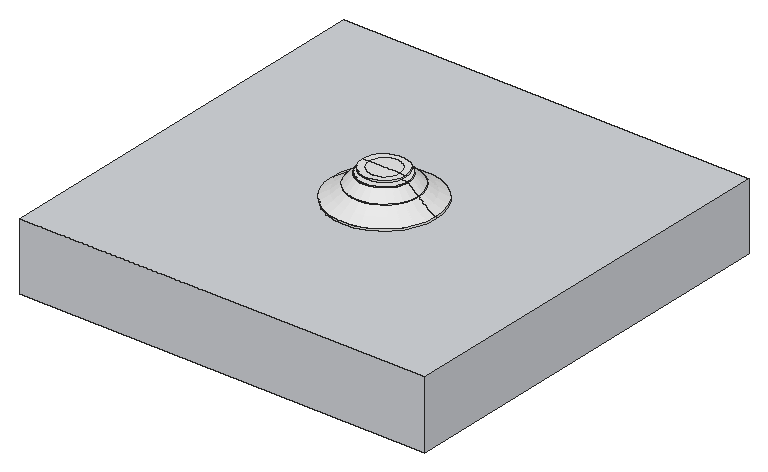
Revit family "SK-HEAT-HT-W.BIM", category Fire Alarm Devices, host Face, Revit 2020
Family settings
  Host = Face
  Maintain Annotation Orientation = Yes
  Round Connector Dimension = Use Diameter
  Part Type = Normal
  OmniClass Number = 23.85.30.21
  OmniClass Title = Environmental Detection/Registration
  Cut with Voids When Loaded = No
  Shared = No
  Room Calculation Point = No
Parameters (values of type "Detector_with_Flanged_Base_White")
  Wall Mounted [instance] = no
  URL = "www.silentknight.com"
  Standard_Wall [instance] = and(Wall Mounted, Standard Base)  # no
  Standard_Ceiling [instance] = and(Ceiling Mounted, Standard Base)  # yes
  Standard Base = yes
  Speciality_Ceiling [instance] = and(Ceiling Mounted, Specality Base)  # no
  Specality_Wall [instance] = and(Wall Mounted, Specality Base)  # no
  Specality Base = no
  Puck_Wall [instance] = and(Wall Mounted, Puck Base)  # no
  Puck_Ceiling [instance] = and(Ceiling Mounted, Puck Base)  # no
  Puck Base = no
  Mounting Requirements = "Standard 4 inch square, 4 inch octagonal, or single gang electrical box."
  Model = "SK-HEAT-HT-W/B300-6"
  Manufacturer = "Silent Knight"  # constant formula
  Main Electrical Connection = "Signaling Line Circuit"  # constant formula
  Height = if(Specality Base, 0' 2 9/16", 0' 1 11/16")  # 0' - 1 11/16"
  Finish = Plastic_SilentKnight_White
  Diameter = if(Puck Base, 0' 4", if(Standard Base, 0' 6", 0' 6 7/8"))  # 0' - 6"
  Detector Type = "H"  # constant formula
  Description = "Intelligent Plug-In Heat Detector-High Temp Detector / Flanged Mounting Base"
  Default Elevation = 6' - 8"
  Ceiling Mounted [instance] = not(Wall Mounted)  # yes
  Base Thickness = if(Specality Base, 0' 1 11/16", 0' 0 7/8")  # 0' - 0 7/8"
  Base Select = DetectorBase-Select_Series : Flanged Base
  Base Label = ""
  Assembly Code = "D5030700"
Reference planes (in)
  plane 1 "Center (Front/Back)": y = 0
  plane 2: z = 0
  plane 3 "Center (Left/Right)": x = 0
  plane 4 "Base Depth": z = 0.875
  plane 5: x = 0
Forms (in)
  Extrusion 1, solid
    sketch origin (24, -6.72932, 0) x (1, 0, 0) y (0, 1, 0)
      loop
        line (-36, 18.72932) -> (-36, -5.27068) -> (-12, -5.27068) -> (-12, 18.72932) -> (-36, 18.72932)
    from 0 to -4
Lines and regions (in)
  Masking region 1, visible <- "Wall Mounted"
    outline origin (-5.53202, -3.47829, 0) x (1, 0, 0) y (0, 1, 0)
      loop
        circle (5.53047, 3.47791) r 2.11075
  Masking region 2, visible <- "Wall Mounted", not visible
    outline origin (0, 0, 0) x (1, 0, 0) y (0, 1, 0)
      loop
        circle (5.53047, 3.47791) r 2.11075
  Masking region 3, visible <- "Standard_Ceiling"
    outline origin (-15.46141, 0, -26.39682) x (1, 0, 0) y (0, 0, 1)
      loop
        line (18.5344, 26.39682) -> (18.5344, 26.50119) -> (17.48216, 27.19351) -> (16.92543, 27.75024) -> (16.74554, 28.06183) -> (14.18447, 28.06183) -> (14.00507, 27.75122) -> (13.45804, 27.2042) -> (12.38841, 26.50119) -> (12.38841, 26.39682) -> (18.5344, 26.39682)
  Masking region 4, visible <- "Standard Base"
    outline origin (0, -12, 0) x (0, 1, 0) y (0, 0, 1)
      loop
        line (8.927, 0) -> (15.073, 0) -> (15.073, 0.10437) -> (14.05174, 0.7967) -> (13.45781, 1.39064) -> (13.27694, 1.66501) -> (10.72306, 1.66501) -> (10.5633, 1.37724) -> (9.99344, 0.80738) -> (8.927, 0.10437) -> (8.927, 0)
  Masking region 5, visible <- "Standard Base", not visible
    outline origin (0, 0, 0) x (0, 1, 0) y (0, 0, 1)
      loop
        line (8.927, 0) -> (15.073, 0) -> (15.073, 0.10437) -> (14.05174, 0.7967) -> (13.45781, 1.39064) -> (13.27694, 1.66501) -> (10.72306, 1.66501) -> (10.5633, 1.37724) -> (9.99344, 0.80738) -> (8.927, 0.10437) -> (8.927, 0)
  Masking region 6, visible <- "Standard_Wall"
    outline origin (0, 0, 0) x (1, 0, 0) y (0, 1, 0)
      loop
        circle (-0.00155, -0.00039) r 3.0741
  Masking region 7, visible <- "Specality_Wall"
    outline origin (0, 0, 0) x (1, 0, 0) y (0, 1, 0)
      loop
        circle (-0.00155, -0.00039) r 3.42775
  Masking region 8, visible <- "Specality Base"
    outline origin (0, 27.45036, -32.86568) x (0, 1, 0) y (0, 0, 1)
      loop
        line (-24.04835, 32.86568) -> (-24.04835, 33.8153) -> (-24.22768, 34.12578) -> (-24.67998, 34.36368) -> (-25.447, 34.52671) -> (-25.99402, 35.07374) -> (-26.17342, 35.38434) -> (-28.76187, 35.38434) -> (-28.88706, 35.09658) -> (-29.45692, 34.52671) -> (-30.22074, 34.32282) -> (-30.69819, 34.09707) -> (-30.82078, 33.8153) -> (-30.88035, 32.86568) -> (-24.04835, 32.86568)
  Masking region 9, visible <- "Specality Base", not visible
    outline origin (0, 0, 0) x (0, 1, 0) y (0, 0, 1)
      loop
        line (-24.04835, 32.86568) -> (-24.04835, 33.8153) -> (-24.22768, 34.12578) -> (-24.67998, 34.36368) -> (-25.447, 34.52671) -> (-25.99402, 35.07374) -> (-26.17342, 35.38434) -> (-28.76187, 35.38434) -> (-28.88706, 35.09658) -> (-29.45692, 34.52671) -> (-30.22074, 34.32282) -> (-30.69819, 34.09707) -> (-30.82078, 33.8153) -> (-30.88035, 32.86568) -> (-24.04835, 32.86568)
  Masking region 10, visible <- "Speciality_Ceiling"
    outline origin (-12.15283, 0, -40.72634) x (1, 0, 0) y (0, 0, 1)
      loop
        line (15.58124, 40.72775) -> (15.52167, 41.67737) -> (15.39908, 41.95915) -> (14.71166, 42.25094) -> (14.27096, 42.34263) -> (14.15781, 42.38878) -> (13.42819, 43.24641) -> (10.87432, 43.24641) -> (10.14469, 42.38878) -> (9.97762, 42.33469) -> (9.38087, 42.18489) -> (8.88102, 41.9796) -> (8.77242, 41.62224) -> (8.72127, 40.72775) -> (15.58124, 40.72775)
  Masking region 11, visible <- "Speciality_Ceiling", not visible
    outline origin (0, 0, 0) x (1, 0, 0) y (0, 0, 1)
      loop
        line (15.58124, 40.72775) -> (15.52167, 41.67737) -> (15.39908, 41.95915) -> (14.71166, 42.25094) -> (14.27096, 42.34263) -> (14.15781, 42.38878) -> (13.42819, 43.24641) -> (10.87432, 43.24641) -> (10.14469, 42.38878) -> (9.97762, 42.33469) -> (9.38087, 42.18489) -> (8.88102, 41.9796) -> (8.77242, 41.62224) -> (8.72127, 40.72775) -> (15.58124, 40.72775)
  Masking region 12, visible <- "Puck Base"
    outline origin (0, -7.69624, 0.00261) x (0, 1, 0) y (0, 0, 1)
      loop
        line (5.67769, 0) -> (9.68761, 0) -> (9.68761, 0.82534) -> (9.14058, 1.37236) -> (8.96118, 1.68297) -> (6.40731, 1.68297) -> (6.24755, 1.3952) -> (5.67769, 0.82534) -> (5.67769, 0)
  Masking region 13, visible <- "Puck Base", not visible
    outline origin (0, 0, 0) x (0, 1, 0) y (0, 0, 1)
      loop
        line (5.67769, 0) -> (9.68761, 0) -> (9.68761, 0.82534) -> (9.14058, 1.37236) -> (8.96118, 1.68297) -> (6.40731, 1.68297) -> (6.24755, 1.3952) -> (5.67769, 0.82534) -> (5.67769, 0)
  Masking region 14, visible <- "Puck_Ceiling"
    outline origin (7.40824, 0, -0.80829) x (1, 0, 0) y (0, 0, 1)
      loop
        line (-5.40168, 0.80829) -> (-5.40168, 1.63642) -> (-5.94776, 2.18249) -> (-6.00405, 2.18249) -> (-6.00405, 2.21689) -> (-7.13967, 2.21689) -> (-7.13967, 2.41176) -> (-6.13131, 2.41176) -> (-6.13131, 2.49405) -> (-6.54202, 2.49405) -> (-7.15621, 2.51785) -> (-7.72665, 2.51785) -> (-8.30672, 2.49405) -> (-8.68518, 2.49405) -> (-8.68518, 2.41176) -> (-7.67681, 2.41176) -> (-7.67681, 2.21689) -> (-8.81353, 2.21689) -> (-8.81353, 2.18344) -> (-8.86458, 2.18344) -> (-9.4116, 1.63642) -> (-9.4116, 0.80829) -> (-5.40168, 0.80829)
  Masking region 15, visible <- "Puck_Ceiling", not visible
    outline origin (0, 0, -0.82392) x (1, 0, 0) y (0, 0, 1)
      loop
        line (-5.40168, 0.80829) -> (-5.40168, 1.63642) -> (-5.94776, 2.18249) -> (-6.00405, 2.18249) -> (-6.00405, 2.21689) -> (-7.13967, 2.21689) -> (-7.13967, 2.41176) -> (-6.13131, 2.41176) -> (-6.13131, 2.49405) -> (-6.54202, 2.49405) -> (-7.15621, 2.51785) -> (-7.72665, 2.51785) -> (-8.30672, 2.49405) -> (-8.68518, 2.49405) -> (-8.68518, 2.41176) -> (-7.67681, 2.41176) -> (-7.67681, 2.21689) -> (-8.81353, 2.21689) -> (-8.81353, 2.18344) -> (-8.86458, 2.18344) -> (-9.4116, 1.63642) -> (-9.4116, 0.80829) -> (-5.40168, 0.80829)
  symbolic lines, style "0", visible <- "Wall Mounted"
    curve 1: circle (-0.00155, -0.00039, 0) r 2.00967 normal (0, 0, 1)
    curve 2: circle (-0.00155, -0.00039, 0) r 2.11075 normal (0, 0, 1)
    curve 3: circle (-0.00155, -0.00039, 0) r 1.45634 normal (0, 0, 1)
    curve 4: circle (-0.00155, -0.00039, 0) r 1.40529 normal (0, 0, 1)
    curve 5: circle (-0.00155, -0.00039, 0) r 1.27694 normal (0, 0, 1)
  symbolic lines, style "0", visible <- "Wall Mounted", not visible
    curve 6: circle (5.53047, 3.47791, 0) r 2.00967 normal (0, 0, 1)
    curve 7: circle (5.53047, 3.47791, 0) r 2.11075 normal (0, 0, 1)
    curve 8: circle (5.53047, 3.47791, 0) r 1.45634 normal (0, 0, 1)
    curve 9: circle (5.53047, 3.47791, 0) r 1.40529 normal (0, 0, 1)
    curve 10: circle (5.53047, 3.47791, 0) r 1.27694 normal (0, 0, 1)
  symbolic lines, visible <- "Standard_Wall"
    curve 11: circle (0, -0.00039, 0) r 3.073 normal (0, 0, 1)
  symbolic lines, style "0", visible <- "Standard Base"
    curve 12: arc (0, -2.02075, 0.7967) -> (0, -2.52551, 0.41806) -> (0, -3.073, 0.10437) r 5.12142
    curve 13: arc (0, 3.073, 0.10437) -> (0, 2.52551, 0.41806) -> (0, 2.02075, 0.7967) r 5.12142
    curve 14: arc (0, 2.00656, 0.80738) -> (0, 1.72117, 1.07055) -> (0, 1.45634, 1.3544) r 5.16892
    curve 15: arc (0, 0, 1.69084) -> (0, 0.44942, 1.68438) -> (0, 0.89848, 1.66501) r 15.63962
    curve 16: arc (0, -1.45634, 1.3544) -> (0, -1.72117, 1.07055) -> (0, -2.00656, 0.80738) r 5.16892
    curve 17: arc (0, -0.89848, 1.66501) -> (0, -0.44942, 1.68438) -> (0, 0, 1.69084) r 15.63962
    curve 18: line (0, 3.073, 0.10437) -> (0, 3.073, 0)
    curve 19: line (0, 3.073, 0) -> (0, 0, 0)
    curve 20: line (0, 0, 0) -> (0, -3.073, 0)
    curve 21: line (0, -3.073, 0) -> (0, -3.073, 0.10437)
    curve 22: line (0, -2.02075, 0.7967) -> (0, 0, 0.7967)
    curve 23: line (0, 0, 0.7967) -> (0, 2.02075, 0.7967)
    curve 24: line (0, -1.45634, 1.3544) -> (0, -1.40529, 1.3544)
    curve 25: line (0, -1.40529, 1.3544) -> (0, -1.40529, 1.38785)
    curve 26: line (0, -1.40529, 1.38785) -> (0, 0, 1.38785)
    curve 27: line (0, 0, 1.38785) -> (0, 1.40529, 1.38785)
    curve 28: line (0, 1.40529, 1.38785) -> (0, 1.40529, 1.3544)
    curve 29: line (0, 1.40529, 1.3544) -> (0, 1.45634, 1.3544)
    curve 30: line (0, -0.26857, 1.38785) -> (0, -0.26857, 1.58272)
    curve 31: line (0, -0.26857, 1.58272) -> (0, -1.27694, 1.58272)
    curve 32: line (0, -1.27694, 1.58272) -> (0, -1.27694, 1.66501)
    curve 33: line (0, -1.27694, 1.66501) -> (0, -0.89848, 1.66501)
    curve 34: line (0, -0.89848, 1.66501) -> (0, 0.89848, 1.66501)
    curve 35: line (0, 0.89848, 1.66501) -> (0, 1.27694, 1.66501)
    curve 36: line (0, 1.27694, 1.66501) -> (0, 1.27694, 1.58272)
    curve 37: line (0, 1.27694, 1.58272) -> (0, 0.26857, 1.58272)
    curve 38: line (0, 0.26857, 1.58272) -> (0, 0.26857, 1.38785)
    curve 39: line (0, 2.00656, 0.80738) -> (0, -2.00656, 0.80738)
    curve 40: line (0, 1.40529, 1.3544) -> (0, -1.40529, 1.3544)
    curve 41: line (0, 0.26857, 1.58272) -> (0, -0.26857, 1.58272)
  symbolic lines, style "0", visible <- "Standard Base", not visible
    curve 42: arc (0, 9.97925, 0.7967) -> (0, 9.47449, 0.41806) -> (0, 8.927, 0.10437) r 5.12142
    curve 43: arc (0, 15.073, 0.10437) -> (0, 14.52551, 0.41806) -> (0, 14.02075, 0.7967) r 5.12142
    curve 44: arc (0, 14.00656, 0.80738) -> (0, 13.72117, 1.07055) -> (0, 13.45634, 1.3544) r 5.16892
    curve 45: arc (0, 12, 1.69084) -> (0, 12.44942, 1.68438) -> (0, 12.89848, 1.66501) r 15.63962
    curve 46: arc (0, 10.54366, 1.3544) -> (0, 10.27883, 1.07055) -> (0, 9.99344, 0.80738) r 5.16892
    curve 47: arc (0, 11.10152, 1.66501) -> (0, 11.55058, 1.68438) -> (0, 12, 1.69084) r 15.63962
    curve 48: line (0, 15.073, 0.10437) -> (0, 15.073, 0)
    curve 49: line (0, 15.073, 0) -> (0, 12, 0)
    curve 50: line (0, 12, 0) -> (0, 8.927, 0)
    curve 51: line (0, 8.927, 0) -> (0, 8.927, 0.10437)
    curve 52: line (0, 9.97925, 0.7967) -> (0, 12, 0.7967)
    curve 53: line (0, 12, 0.7967) -> (0, 14.02075, 0.7967)
    curve 54: line (0, 10.54366, 1.3544) -> (0, 10.59471, 1.3544)
    curve 55: line (0, 10.59471, 1.3544) -> (0, 10.59471, 1.38785)
    curve 56: line (0, 10.59471, 1.38785) -> (0, 12, 1.38785)
    curve 57: line (0, 12, 1.38785) -> (0, 13.40529, 1.38785)
    curve 58: line (0, 13.40529, 1.38785) -> (0, 13.40529, 1.3544)
    curve 59: line (0, 13.40529, 1.3544) -> (0, 13.45634, 1.3544)
    curve 60: line (0, 11.73143, 1.38785) -> (0, 11.73143, 1.58272)
    curve 61: line (0, 11.73143, 1.58272) -> (0, 10.72306, 1.58272)
    curve 62: line (0, 10.72306, 1.58272) -> (0, 10.72306, 1.66501)
    curve 63: line (0, 10.72306, 1.66501) -> (0, 11.10152, 1.66501)
    curve 64: line (0, 11.10152, 1.66501) -> (0, 12.89848, 1.66501)
    curve 65: line (0, 12.89848, 1.66501) -> (0, 13.27694, 1.66501)
    curve 66: line (0, 13.27694, 1.66501) -> (0, 13.27694, 1.58272)
    curve 67: line (0, 13.27694, 1.58272) -> (0, 12.26857, 1.58272)
    curve 68: line (0, 12.26857, 1.58272) -> (0, 12.26857, 1.38785)
    curve 69: line (0, 14.00656, 0.80738) -> (0, 9.99344, 0.80738)
    curve 70: line (0, 13.40529, 1.3544) -> (0, 10.59471, 1.3544)
    curve 71: line (0, 12.26857, 1.58272) -> (0, 11.73143, 1.58272)
  symbolic lines, style "0", visible <- "Standard_Ceiling"
    curve 72: arc (2.02075, 0, 0.7967) -> (2.52551, 0, 0.41806) -> (3.073, 0, 0.10437) r 5.12142
    curve 73: arc (-3.073, 0, 0.10437) -> (-2.52551, 0, 0.41806) -> (-2.02075, 0, 0.7967) r 5.12142
    curve 74: arc (-2.00656, 0, 0.80738) -> (-1.72117, 0, 1.07055) -> (-1.45634, 0, 1.3544) r 5.16892
    curve 75: arc (0, 0, 1.69084) -> (-0.44942, 0, 1.68438) -> (-0.89848, 0, 1.66501) r 15.63962
    curve 76: arc (1.45634, 0, 1.3544) -> (1.72117, 0, 1.07055) -> (2.00656, 0, 0.80738) r 5.16892
    curve 77: arc (0.89848, 0, 1.66501) -> (0.44942, 0, 1.68438) -> (0, 0, 1.69084) r 15.63962
    curve 78: line (-3.073, 0, 0.10437) -> (-3.073, 0, 0)
    curve 79: line (-3.073, 0, 0) -> (0, 0, 0)
    curve 80: line (0, 0, 0) -> (3.073, 0, 0)
    curve 81: line (3.073, 0, 0) -> (3.073, 0, 0.10437)
    curve 82: line (2.02075, 0, 0.7967) -> (0, 0, 0.7967)
    curve 83: line (0, 0, 0.7967) -> (-2.02075, 0, 0.7967)
    curve 84: line (1.45634, 0, 1.3544) -> (1.40529, 0, 1.3544)
    curve 85: line (1.40529, 0, 1.3544) -> (1.40529, 0, 1.38785)
    curve 86: line (1.40529, 0, 1.38785) -> (0, 0, 1.38785)
    curve 87: line (0, 0, 1.38785) -> (-1.40529, 0, 1.38785)
    curve 88: line (-1.40529, 0, 1.38785) -> (-1.40529, 0, 1.3544)
    curve 89: line (-1.40529, 0, 1.3544) -> (-1.45634, 0, 1.3544)
    curve 90: line (0.26857, 0, 1.38785) -> (0.26857, 0, 1.58272)
    curve 91: line (0.26857, 0, 1.58272) -> (1.27694, 0, 1.58272)
    curve 92: line (1.27694, 0, 1.58272) -> (1.27694, 0, 1.66501)
    curve 93: line (1.27694, 0, 1.66501) -> (0.89848, 0, 1.66501)
    curve 94: line (0.89848, 0, 1.66501) -> (-0.89848, 0, 1.66501)
    curve 95: line (-0.89848, 0, 1.66501) -> (-1.27694, 0, 1.66501)
    curve 96: line (-1.27694, 0, 1.66501) -> (-1.27694, 0, 1.58272)
    curve 97: line (-1.27694, 0, 1.58272) -> (-0.26857, 0, 1.58272)
    curve 98: line (-0.26857, 0, 1.58272) -> (-0.26857, 0, 1.38785)
    curve 99: line (-2.00656, 0, 0.80738) -> (2.00656, 0, 0.80738)
    curve 100: line (-1.40529, 0, 1.3544) -> (1.40529, 0, 1.3544)
    curve 101: line (-0.26857, 0, 1.58272) -> (0.26857, 0, 1.58272)
  symbolic lines, style "0", visible <- "Specality_Wall"
    curve 102: circle (-0.00155, -0.00039, 0) r 2.00967 normal (0, 0, 1)
    curve 103: circle (-0.00155, -0.00039, 0) r 3.42775 normal (0, 0, 1)
    curve 104: circle (-0.00155, -0.00039, 0) r 3.38081 normal (0, 0, 1)
    curve 105: circle (-0.00155, -0.00039, 0) r 3.25078 normal (0, 0, 1)
    curve 106: circle (-0.00155, -0.00039, 0) r 2.11075 normal (0, 0, 1)
    curve 107: arc (0.85813, 3.31781, 0) -> (1.17522, 2.32061, 0) -> (1.72456, 1.43, 0) r 4.28478
    curve 108: arc (2.2402, -0.00039, 0) -> (2.10736, 0.75986, 0) -> (1.72456, 1.43, 0) r 2.24176
    curve 109: arc (1.72456, -1.43078, 0) -> (1.17522, -2.32139, 0) -> (0.85813, -3.31859, 0) r 4.28478
    curve 110: arc (1.72456, -1.43078, 0) -> (2.10736, -0.76064, 0) -> (2.2402, -0.00039, 0) r 2.24176
    curve 111: arc (3.01297, -0.00039, 0) -> (2.74961, 1.23188, 0) -> (2.00553, 2.24883, 0) r 3.01453
    curve 112: arc (2.93101, -0.00039, 0) -> (2.67346, 1.20139, 0) -> (1.94603, 2.19207, 0) r 2.93257
    curve 113: arc (2.76294, -0.00039, 0) -> (2.55291, 1.05655, 0) -> (1.95474, 1.9529, 0) r 2.76449
    curve 114: arc (2.68098, -0.00039, 0) -> (2.47573, 1.0287, 0) -> (1.89141, 1.90031, 0) r 2.68253
    curve 115: arc (2.51356, -0.00039, 0) -> (2.35974, 0.86568, 0) -> (1.91711, 1.62581, 0) r 2.51511
    curve 116: arc (2.4316, -0.00039, 0) -> (2.28149, 0.84101, 0) -> (1.84968, 1.57858, 0) r 2.43315
    curve 117: arc (2.00553, -2.24961, 0) -> (2.74961, -1.23266, 0) -> (3.01297, -0.00039, 0) r 3.01453
    curve 118: arc (1.94603, -2.19284, 0) -> (2.67346, -1.20216, 0) -> (2.93101, -0.00039, 0) r 2.93257
    curve 119: arc (1.95474, -1.95368, 0) -> (2.55291, -1.05733, 0) -> (2.76294, -0.00039, 0) r 2.76449
    curve 120: arc (1.89141, -1.90109, 0) -> (2.47573, -1.02948, 0) -> (2.68098, -0.00039, 0) r 2.68253
    curve 121: arc (1.91711, -1.62659, 0) -> (2.35974, -0.86646, 0) -> (2.51356, -0.00039, 0) r 2.51511
    curve 122: arc (1.84968, -1.57936, 0) -> (2.28149, -0.84178, 0) -> (2.4316, -0.00039, 0) r 2.43315
    curve 123: arc (-2.00863, 2.24883, 0) -> (-2.75271, 1.23188, 0) -> (-3.01608, -0.00039, 0) r 3.01453
    curve 124: arc (-1.94914, 2.19207, 0) -> (-2.67656, 1.20139, 0) -> (-2.93412, -0.00039, 0) r 2.93257
    curve 125: arc (-1.95785, 1.9529, 0) -> (-2.55602, 1.05655, 0) -> (-2.76604, -0.00039, 0) r 2.76449
    curve 126: arc (-1.89451, 1.90031, 0) -> (-2.47884, 1.0287, 0) -> (-2.68408, -0.00039, 0) r 2.68253
    curve 127: arc (-1.92021, 1.62581, 0) -> (-2.36285, 0.86568, 0) -> (-2.51667, -0.00039, 0) r 2.51511
    curve 128: arc (-1.85279, 1.57858, 0) -> (-2.2846, 0.84101, 0) -> (-2.43471, -0.00039, 0) r 2.43315
    curve 129: arc (-3.01608, -0.00039, 0) -> (-2.75271, -1.23266, 0) -> (-2.00863, -2.24961, 0) r 3.01453
    curve 130: arc (-2.93412, -0.00039, 0) -> (-2.67656, -1.20216, 0) -> (-1.94914, -2.19284, 0) r 2.93257
    curve 131: arc (-2.76604, -0.00039, 0) -> (-2.55602, -1.05733, 0) -> (-1.95785, -1.95368, 0) r 2.76449
    curve 132: arc (-2.68408, -0.00039, 0) -> (-2.47884, -1.02948, 0) -> (-1.89451, -1.90109, 0) r 2.68253
    curve 133: arc (-2.51667, -0.00039, 0) -> (-2.36285, -0.86646, 0) -> (-1.92021, -1.62659, 0) r 2.51511
    curve 134: arc (-2.43471, -0.00039, 0) -> (-2.2846, -0.84178, 0) -> (-1.85279, -1.57936, 0) r 2.43315
    curve 135: line (1.84968, 1.57858, 0) -> (1.91711, 1.62581, 0)
    curve 136: line (1.89141, 1.90031, 0) -> (1.95474, 1.9529, 0)
    curve 137: line (1.94603, 2.19207, 0) -> (2.00553, 2.24883, 0)
    curve 138: line (1.84968, -1.57936, 0) -> (1.91711, -1.62659, 0)
    curve 139: line (1.89141, -1.90109, 0) -> (1.95474, -1.95368, 0)
    curve 140: line (1.94603, -2.19284, 0) -> (2.00553, -2.24961, 0)
    curve 141: line (-1.85279, 1.57858, 0) -> (-1.92021, 1.62581, 0)
    curve 142: line (-1.89451, 1.90031, 0) -> (-1.95785, 1.9529, 0)
    curve 143: line (-1.94914, 2.19207, 0) -> (-2.00863, 2.24883, 0)
    curve 144: line (-1.85279, -1.57936, 0) -> (-1.92021, -1.62659, 0)
    curve 145: line (-1.89451, -1.90109, 0) -> (-1.95785, -1.95368, 0)
    curve 146: line (-1.94914, -2.19284, 0) -> (-2.00863, -2.24961, 0)
    curve 147: arc (-1.72767, 1.43, 0) -> (-1.17833, 2.32061, 0) -> (-0.86124, 3.31781, 0) r 4.28478
    curve 148: arc (-1.72767, 1.43, 0) -> (-2.11046, 0.75986, 0) -> (-2.24331, -0.00039, 0) r 2.24176
    curve 149: arc (-0.86124, -3.31859, 0) -> (-1.17833, -2.32139, 0) -> (-1.72767, -1.43078, 0) r 4.28478
    curve 150: arc (-2.24331, -0.00039, 0) -> (-2.11046, -0.76064, 0) -> (-1.72767, -1.43078, 0) r 2.24176
    curve 151: circle (-0.00155, -0.00039, 0) r 1.45634 normal (0, 0, 1)
    curve 152: circle (-0.00155, -0.00039, 0) r 1.40529 normal (0, 0, 1)
    curve 153: circle (-0.00155, -0.00039, 0) r 1.27694 normal (0, 0, 1)
  symbolic lines, style "0", visible <- "Specality_Wall", not visible
    curve 154: circle (6.19169, 5.69951, 0) r 2.00967 normal (0, 0, 1)
    curve 155: circle (6.19169, 5.69951, 0) r 3.42775 normal (0, 0, 1)
    curve 156: circle (6.19169, 5.69951, 0) r 3.38081 normal (0, 0, 1)
    curve 157: circle (6.19169, 5.69951, 0) r 3.25078 normal (0, 0, 1)
    curve 158: circle (6.19169, 5.69951, 0) r 2.11075 normal (0, 0, 1)
    curve 159: arc (7.05137, 9.01771, 0) -> (7.36846, 8.02051, 0) -> (7.9178, 7.1299, 0) r 4.28478
    curve 160: arc (8.43345, 5.69951, 0) -> (8.3006, 6.45976, 0) -> (7.9178, 7.1299, 0) r 2.24176
    curve 161: arc (7.9178, 4.26912, 0) -> (7.36846, 3.37851, 0) -> (7.05137, 2.38131, 0) r 4.28478
    curve 162: arc (7.9178, 4.26912, 0) -> (8.3006, 4.93926, 0) -> (8.43345, 5.69951, 0) r 2.24176
    curve 163: arc (9.20622, 5.69951, 0) -> (8.94285, 6.93178, 0) -> (8.19877, 7.94873, 0) r 3.01453
    curve 164: arc (9.12426, 5.69951, 0) -> (8.8667, 6.90128, 0) -> (8.13928, 7.89196, 0) r 2.93257
    curve 165: arc (8.95618, 5.69951, 0) -> (8.74615, 6.75645, 0) -> (8.14798, 7.6528, 0) r 2.76449
    curve 166: arc (8.87422, 5.69951, 0) -> (8.66898, 6.7286, 0) -> (8.08465, 7.60021, 0) r 2.68253
    curve 167: arc (8.7068, 5.69951, 0) -> (8.55299, 6.56558, 0) -> (8.11035, 7.32571, 0) r 2.51511
    curve 168: arc (8.62484, 5.69951, 0) -> (8.47473, 6.5409, 0) -> (8.04293, 7.27848, 0) r 2.43315
    curve 169: arc (8.19877, 3.45029, 0) -> (8.94285, 4.46724, 0) -> (9.20622, 5.69951, 0) r 3.01453
    curve 170: arc (8.13928, 3.50706, 0) -> (8.8667, 4.49774, 0) -> (9.12426, 5.69951, 0) r 2.93257
    curve 171: arc (8.14798, 3.74622, 0) -> (8.74615, 4.64257, 0) -> (8.95618, 5.69951, 0) r 2.76449
    curve 172: arc (8.08465, 3.79881, 0) -> (8.66898, 4.67042, 0) -> (8.87422, 5.69951, 0) r 2.68253
    curve 173: arc (8.11035, 4.07331, 0) -> (8.55299, 4.83344, 0) -> (8.7068, 5.69951, 0) r 2.51511
    curve 174: arc (8.04293, 4.12054, 0) -> (8.47473, 4.85812, 0) -> (8.62484, 5.69951, 0) r 2.43315
    curve 175: arc (4.18461, 7.94873, 0) -> (3.44053, 6.93178, 0) -> (3.17716, 5.69951, 0) r 3.01453
    curve 176: arc (4.24411, 7.89196, 0) -> (3.51668, 6.90128, 0) -> (3.25912, 5.69951, 0) r 2.93257
    curve 177: arc (4.2354, 7.6528, 0) -> (3.63723, 6.75645, 0) -> (3.4272, 5.69951, 0) r 2.76449
    curve 178: arc (4.29873, 7.60021, 0) -> (3.7144, 6.7286, 0) -> (3.50916, 5.69951, 0) r 2.68253
    curve 179: arc (4.27303, 7.32571, 0) -> (3.8304, 6.56558, 0) -> (3.67658, 5.69951, 0) r 2.51511
    curve 180: arc (4.34045, 7.27848, 0) -> (3.90865, 6.5409, 0) -> (3.75854, 5.69951, 0) r 2.43315
    curve 181: arc (3.17716, 5.69951, 0) -> (3.44053, 4.46724, 0) -> (4.18461, 3.45029, 0) r 3.01453
    curve 182: arc (3.25912, 5.69951, 0) -> (3.51668, 4.49774, 0) -> (4.24411, 3.50706, 0) r 2.93257
    curve 183: arc (3.4272, 5.69951, 0) -> (3.63723, 4.64257, 0) -> (4.2354, 3.74622, 0) r 2.76449
    curve 184: arc (3.50916, 5.69951, 0) -> (3.7144, 4.67042, 0) -> (4.29873, 3.79881, 0) r 2.68253
    curve 185: arc (3.67658, 5.69951, 0) -> (3.8304, 4.83344, 0) -> (4.27303, 4.07331, 0) r 2.51511
    curve 186: arc (3.75854, 5.69951, 0) -> (3.90865, 4.85812, 0) -> (4.34045, 4.12054, 0) r 2.43315
    curve 187: line (8.04293, 7.27848, 0) -> (8.11035, 7.32571, 0)
    curve 188: line (8.08465, 7.60021, 0) -> (8.14798, 7.6528, 0)
    curve 189: line (8.13928, 7.89196, 0) -> (8.19877, 7.94873, 0)
    curve 190: line (8.04293, 4.12054, 0) -> (8.11035, 4.07331, 0)
    curve 191: line (8.08465, 3.79881, 0) -> (8.14798, 3.74622, 0)
    curve 192: line (8.13928, 3.50706, 0) -> (8.19877, 3.45029, 0)
    curve 193: line (4.34045, 7.27848, 0) -> (4.27303, 7.32571, 0)
    curve 194: line (4.29873, 7.60021, 0) -> (4.2354, 7.6528, 0)
    curve 195: line (4.24411, 7.89196, 0) -> (4.18461, 7.94873, 0)
    curve 196: line (4.34045, 4.12054, 0) -> (4.27303, 4.07331, 0)
    curve 197: line (4.29873, 3.79881, 0) -> (4.2354, 3.74622, 0)
    curve 198: line (4.24411, 3.50706, 0) -> (4.18461, 3.45029, 0)
    curve 199: arc (4.46558, 7.1299, 0) -> (5.01492, 8.02051, 0) -> (5.33201, 9.01771, 0) r 4.28478
    curve 200: arc (4.46558, 7.1299, 0) -> (4.08278, 6.45976, 0) -> (3.94993, 5.69951, 0) r 2.24176
    curve 201: arc (5.33201, 2.38131, 0) -> (5.01492, 3.37851, 0) -> (4.46558, 4.26912, 0) r 4.28478
    curve 202: arc (3.94993, 5.69951, 0) -> (4.08278, 4.93926, 0) -> (4.46558, 4.26912, 0) r 2.24176
    curve 203: circle (6.19169, 5.69951, 0) r 1.45634 normal (0, 0, 1)
    curve 204: circle (6.19169, 5.69951, 0) r 1.40529 normal (0, 0, 1)
    curve 205: circle (6.19169, 5.69951, 0) r 1.27694 normal (0, 0, 1)
  symbolic lines, style "0", visible <- "Specality Base"
    curve 206: arc (0, -3.21481, 1.26422) -> (0, -2.68235, 1.48667) -> (0, -2.11971, 1.61488) r 3.36539
    curve 207: arc (0, -1.70364, 1.59551) -> (0, -1.42134, 1.57373) -> (0, -1.14854, 1.49794) r 1.46181
    curve 208: arc (0, -1.14854, 1.49794) -> (0, -1.00103, 1.39159) -> (0, -0.90294, 1.23847) r 0.48588
    curve 209: arc (0, 3.21481, 1.26422) -> (0, 2.68235, 1.48667) -> (0, 2.11971, 1.61488) r 3.36539
    curve 210: arc (0, 1.70364, 1.59551) -> (0, 1.42134, 1.57373) -> (0, 1.14854, 1.49794) r 1.46181
    curve 211: arc (0, 1.14854, 1.49794) -> (0, 1.00103, 1.39159) -> (0, 0.90294, 1.23847) r 0.48588
    curve 212: arc (0, 2.00656, 1.66103) -> (0, 1.72117, 1.9242) -> (0, 1.45634, 2.20805) r 5.16892
    curve 213: arc (0, 0, 2.54449) -> (0, 0.44942, 2.53803) -> (0, 0.89848, 2.51866) r 15.63962
    curve 214: arc (0, -1.45634, 2.20805) -> (0, -1.72117, 1.9242) -> (0, -2.00656, 1.66103) r 5.16892
    curve 215: arc (0, -0.89848, 2.51866) -> (0, -0.44942, 2.53803) -> (0, 0, 2.54449) r 15.63962
    curve 216: line (0, 3.21481, 1.26422) -> (0, 3.24783, 1.23139)
    curve 217: line (0, 3.24783, 1.23139) -> (0, 3.37042, 0.94961)
    curve 218: line (0, 3.37042, 0.94961) -> (0, 3.37883, 0.89449)
    curve 219: line (0, 3.37883, 0.89449) -> (0, 3.42999, 0)
    curve 220: line (0, 3.42999, 0) -> (0, 0, 0)
    curve 221: line (0, 0, 0) -> (0, -3.42999, 0)
    curve 222: line (0, -3.42999, 0) -> (0, -3.37883, 0.89449)
    curve 223: line (0, -3.37883, 0.89449) -> (0, -3.37042, 0.94961)
    curve 224: line (0, -3.37042, 0.94961) -> (0, -3.24783, 1.23139)
    curve 225: line (0, -3.24783, 1.23139) -> (0, -3.21481, 1.26422)
    curve 226: line (0, -2.11971, 1.61488) -> (0, 0, 1.61488)
    curve 227: line (0, 0, 1.61488) -> (0, 2.11971, 1.61488)
    curve 228: line (0, -2.24232, 1.59551) -> (0, -1.70364, 1.59551)
    curve 229: line (0, -0.90294, 1.23847) -> (0, -0.86987, 0.89863)
    curve 230: line (0, -0.86987, 0.89863) -> (0, -0.86087, 0)
    curve 231: line (0, -3.01847, 1.35887) -> (0, -2.00893, 1.35887)
    curve 232: line (0, -2.00893, 1.35887) -> (0, -1.9491, 1.39378)
    curve 233: line (0, -1.9491, 1.39378) -> (0, -2.93672, 1.39378)
    curve 234: line (0, -2.77038, 1.45713) -> (0, -1.95849, 1.45713)
    curve 235: line (0, -1.95849, 1.45713) -> (0, -1.89602, 1.48477)
    curve 236: line (0, -1.89602, 1.48477) -> (0, -2.68827, 1.48477)
    curve 237: line (0, -2.52073, 1.53399) -> (0, -1.91879, 1.53399)
    curve 238: line (0, -1.91879, 1.53399) -> (0, -1.85593, 1.55343)
    curve 239: line (0, -1.85593, 1.55343) -> (0, -2.44401, 1.55343)
    curve 240: line (0, -3.37042, 0.94961) -> (0, 0, 0.94961)
    curve 241: line (0, 0, 0.94961) -> (0, 3.37042, 0.94961)
    curve 242: line (0, -3.24783, 1.23139) -> (0, 0, 1.23139)
    curve 243: line (0, 0, 1.23139) -> (0, 3.24783, 1.23139)
    curve 244: line (0, 2.24232, 1.59551) -> (0, 1.70364, 1.59551)
    curve 245: line (0, 0.90294, 1.23847) -> (0, 0.86987, 0.89863)
    curve 246: line (0, 0.86987, 0.89863) -> (0, 0.86087, 0)
    curve 247: line (0, 3.01847, 1.35887) -> (0, 2.00893, 1.35887)
    curve 248: line (0, 2.00893, 1.35887) -> (0, 1.9491, 1.39378)
    curve 249: line (0, 1.9491, 1.39378) -> (0, 2.93672, 1.39378)
    curve 250: line (0, 2.77038, 1.45713) -> (0, 1.95849, 1.45713)
    curve 251: line (0, 1.95849, 1.45713) -> (0, 1.89602, 1.48477)
    curve 252: line (0, 1.89602, 1.48477) -> (0, 2.68827, 1.48477)
    curve 253: line (0, 2.52073, 1.53399) -> (0, 1.91879, 1.53399)
    curve 254: line (0, 1.91879, 1.53399) -> (0, 1.85593, 1.55343)
    curve 255: line (0, 1.85593, 1.55343) -> (0, 2.44401, 1.55343)
    curve 256: line (0, -1.45634, 2.20805) -> (0, -1.40529, 2.20805)
    curve 257: line (0, -1.40529, 2.20805) -> (0, -1.40529, 2.2415)
    curve 258: line (0, -1.40529, 2.2415) -> (0, 0, 2.2415)
    curve 259: line (0, 0, 2.2415) -> (0, 1.40529, 2.2415)
    curve 260: line (0, 1.40529, 2.2415) -> (0, 1.40529, 2.20805)
    curve 261: line (0, 1.40529, 2.20805) -> (0, 1.45634, 2.20805)
    curve 262: line (0, -0.26857, 2.2415) -> (0, -0.26857, 2.43637)
    curve 263: line (0, -0.26857, 2.43637) -> (0, -1.27694, 2.43637)
    curve 264: line (0, -1.27694, 2.43637) -> (0, -1.27694, 2.51866)
    curve 265: line (0, -1.27694, 2.51866) -> (0, -0.89848, 2.51866)
    curve 266: line (0, -0.89848, 2.51866) -> (0, 0.89848, 2.51866)
    curve 267: line (0, 0.89848, 2.51866) -> (0, 1.27694, 2.51866)
    curve 268: line (0, 1.27694, 2.51866) -> (0, 1.27694, 2.43637)
    curve 269: line (0, 1.27694, 2.43637) -> (0, 0.26857, 2.43637)
    curve 270: line (0, 0.26857, 2.43637) -> (0, 0.26857, 2.2415)
    curve 271: line (0, 0, 1.61488) -> (0, 2.00656, 1.61488)
    curve 272: line (0, 2.00656, 1.61488) -> (0, 2.00656, 1.66103)
    curve 273: line (0, 2.00656, 1.66103) -> (0, -2.00656, 1.66103)
    curve 274: line (0, -2.00656, 1.66103) -> (0, -2.00656, 1.61488)
    curve 275: line (0, -2.00656, 1.61488) -> (0, 0, 1.61488)
    curve 276: line (0, 1.40529, 2.20805) -> (0, -1.40529, 2.20805)
    curve 277: line (0, 0.26857, 2.43637) -> (0, -0.26857, 2.43637)
  symbolic lines, style "0", visible <- "Specality Base", not visible
    curve 278: arc (0, -30.66517, 34.12991) -> (0, -30.13271, 34.35235) -> (0, -29.57007, 34.48056) r 3.36539
    curve 279: arc (0, -29.154, 34.46119) -> (0, -28.8717, 34.43941) -> (0, -28.5989, 34.36362) r 1.46181
    curve 280: arc (0, -28.5989, 34.36362) -> (0, -28.45139, 34.25728) -> (0, -28.3533, 34.10415) r 0.48588
    curve 281: arc (0, -24.23555, 34.12991) -> (0, -24.76801, 34.35235) -> (0, -25.33065, 34.48056) r 3.36539
    curve 282: arc (0, -25.74672, 34.46119) -> (0, -26.02902, 34.43941) -> (0, -26.30182, 34.36362) r 1.46181
    curve 283: arc (0, -26.30182, 34.36362) -> (0, -26.44933, 34.25728) -> (0, -26.54742, 34.10415) r 0.48588
    curve 284: arc (0, -25.4438, 34.52671) -> (0, -25.72919, 34.78989) -> (0, -25.99402, 35.07374) r 5.16892
    curve 285: arc (0, -27.45036, 35.41017) -> (0, -27.00094, 35.40371) -> (0, -26.55188, 35.38434) r 15.63962
    curve 286: arc (0, -28.9067, 35.07374) -> (0, -29.17153, 34.78989) -> (0, -29.45692, 34.52671) r 5.16892
    curve 287: arc (0, -28.34884, 35.38434) -> (0, -27.89979, 35.40371) -> (0, -27.45036, 35.41017) r 15.63962
    curve 288: line (0, -24.23555, 34.12991) -> (0, -24.20253, 34.09707)
    curve 289: line (0, -24.20253, 34.09707) -> (0, -24.07994, 33.8153)
    curve 290: line (0, -24.07994, 33.8153) -> (0, -24.07153, 33.76017)
    curve 291: line (0, -24.07153, 33.76017) -> (0, -24.02037, 32.86568)
    curve 292: line (0, -24.02037, 32.86568) -> (0, -27.45036, 32.86568)
    curve 293: line (0, -27.45036, 32.86568) -> (0, -30.88035, 32.86568)
    curve 294: line (0, -30.88035, 32.86568) -> (0, -30.82919, 33.76017)
    curve 295: line (0, -30.82919, 33.76017) -> (0, -30.82078, 33.8153)
    curve 296: line (0, -30.82078, 33.8153) -> (0, -30.69819, 34.09707)
    curve 297: line (0, -30.69819, 34.09707) -> (0, -30.66517, 34.12991)
    curve 298: line (0, -29.57007, 34.48056) -> (0, -27.45036, 34.48056)
    curve 299: line (0, -27.45036, 34.48056) -> (0, -25.33065, 34.48056)
    curve 300: line (0, -29.69268, 34.46119) -> (0, -29.154, 34.46119)
    curve 301: line (0, -28.3533, 34.10415) -> (0, -28.32023, 33.76432)
    curve 302: line (0, -28.32023, 33.76432) -> (0, -28.31123, 32.86568)
    curve 303: line (0, -30.46883, 34.22455) -> (0, -29.45929, 34.22455)
    curve 304: line (0, -29.45929, 34.22455) -> (0, -29.39946, 34.25946)
    curve 305: line (0, -29.39946, 34.25946) -> (0, -30.38708, 34.25946)
    curve 306: line (0, -30.22074, 34.32282) -> (0, -29.40886, 34.32282)
    curve 307: line (0, -29.40886, 34.32282) -> (0, -29.34638, 34.35045)
    curve 308: line (0, -29.34638, 34.35045) -> (0, -30.13863, 34.35045)
    curve 309: line (0, -29.97109, 34.39968) -> (0, -29.36915, 34.39968)
    curve 310: line (0, -29.36915, 34.39968) -> (0, -29.30629, 34.41911)
    curve 311: line (0, -29.30629, 34.41911) -> (0, -29.89437, 34.41911)
    curve 312: line (0, -30.82078, 33.8153) -> (0, -27.45036, 33.8153)
    curve 313: line (0, -27.45036, 33.8153) -> (0, -24.07994, 33.8153)
    curve 314: line (0, -30.69819, 34.09707) -> (0, -27.45036, 34.09707)
    curve 315: line (0, -27.45036, 34.09707) -> (0, -24.20253, 34.09707)
    curve 316: line (0, -25.20804, 34.46119) -> (0, -25.74672, 34.46119)
    curve 317: line (0, -26.54742, 34.10415) -> (0, -26.58049, 33.76432)
    curve 318: line (0, -26.58049, 33.76432) -> (0, -26.58949, 32.86568)
    curve 319: line (0, -24.43189, 34.22455) -> (0, -25.44144, 34.22455)
    curve 320: line (0, -25.44144, 34.22455) -> (0, -25.50126, 34.25946)
    curve 321: line (0, -25.50126, 34.25946) -> (0, -24.51364, 34.25946)
    curve 322: line (0, -24.67998, 34.32282) -> (0, -25.49187, 34.32282)
    curve 323: line (0, -25.49187, 34.32282) -> (0, -25.55434, 34.35045)
    curve 324: line (0, -25.55434, 34.35045) -> (0, -24.76209, 34.35045)
    curve 325: line (0, -24.92963, 34.39968) -> (0, -25.53157, 34.39968)
    curve 326: line (0, -25.53157, 34.39968) -> (0, -25.59443, 34.41911)
    curve 327: line (0, -25.59443, 34.41911) -> (0, -25.00635, 34.41911)
    curve 328: line (0, -28.9067, 35.07374) -> (0, -28.85565, 35.07374)
    curve 329: line (0, -28.85565, 35.07374) -> (0, -28.85565, 35.10719)
    curve 330: line (0, -28.85565, 35.10719) -> (0, -27.45036, 35.10719)
    curve 331: line (0, -27.45036, 35.10719) -> (0, -26.04507, 35.10719)
    curve 332: line (0, -26.04507, 35.10719) -> (0, -26.04507, 35.07374)
    curve 333: line (0, -26.04507, 35.07374) -> (0, -25.99402, 35.07374)
    curve 334: line (0, -27.71893, 35.10719) -> (0, -27.71893, 35.30205)
    curve 335: line (0, -27.71893, 35.30205) -> (0, -28.7273, 35.30205)
    curve 336: line (0, -28.7273, 35.30205) -> (0, -28.7273, 35.38434)
    curve 337: line (0, -28.7273, 35.38434) -> (0, -28.34884, 35.38434)
    curve 338: line (0, -28.34884, 35.38434) -> (0, -26.55188, 35.38434)
    curve 339: line (0, -26.55188, 35.38434) -> (0, -26.17342, 35.38434)
    curve 340: line (0, -26.17342, 35.38434) -> (0, -26.17342, 35.30205)
    curve 341: line (0, -26.17342, 35.30205) -> (0, -27.18179, 35.30205)
    curve 342: line (0, -27.18179, 35.30205) -> (0, -27.18179, 35.10719)
    curve 343: line (0, -27.45036, 34.48056) -> (0, -25.4438, 34.48056)
    curve 344: line (0, -25.4438, 34.48056) -> (0, -25.4438, 34.52671)
    curve 345: line (0, -25.4438, 34.52671) -> (0, -29.45692, 34.52671)
    curve 346: line (0, -29.45692, 34.52671) -> (0, -29.45692, 34.48056)
    curve 347: line (0, -29.45692, 34.48056) -> (0, -27.45036, 34.48056)
    curve 348: line (0, -26.04507, 35.07374) -> (0, -28.85565, 35.07374)
    curve 349: line (0, -27.18179, 35.30205) -> (0, -27.71893, 35.30205)
  symbolic lines, style "0", visible <- "Speciality_Ceiling"
    curve 350: arc (3.21324, 0, 1.26564) -> (2.68077, 0, 1.48808) -> (2.11813, 0, 1.61629) r 3.36539
    curve 351: arc (1.70207, 0, 1.59692) -> (1.41977, 0, 1.57514) -> (1.14697, 0, 1.49935) r 1.46181
    curve 352: arc (1.14697, 0, 1.49935) -> (0.99945, 0, 1.39301) -> (0.90137, 0, 1.23988) r 0.48588
    curve 353: arc (-3.21638, 0, 1.26564) -> (-2.68392, 0, 1.48808) -> (-2.12128, 0, 1.61629) r 3.36539
    curve 354: arc (-1.70521, 0, 1.59692) -> (-1.42292, 0, 1.57514) -> (-1.15011, 0, 1.49935) r 1.46181
    curve 355: arc (-1.15011, 0, 1.49935) -> (-1.0026, 0, 1.39301) -> (-0.90452, 0, 1.23988) r 0.48588
    curve 356: arc (-2.00813, 0, 1.66244) -> (-1.72274, 0, 1.92561) -> (-1.45791, 0, 2.20946) r 5.16892
    curve 357: arc (-0.00157, 0, 2.5459) -> (-0.451, 0, 2.53944) -> (-0.90005, 0, 2.52007) r 15.63962
    curve 358: arc (1.45476, 0, 2.20946) -> (1.7196, 0, 1.92561) -> (2.00499, 0, 1.66244) r 5.16892
    curve 359: arc (0.8969, 0, 2.52007) -> (0.44785, 0, 2.53944) -> (-0.00157, 0, 2.5459) r 15.63962
    curve 360: line (-3.21638, 0, 1.26564) -> (-3.24941, 0, 1.2328)
    curve 361: line (-3.24941, 0, 1.2328) -> (-3.37199, 0, 0.95102)
    curve 362: line (-3.37199, 0, 0.95102) -> (-3.3804, 0, 0.8959)
    curve 363: line (-3.3804, 0, 0.8959) -> (-3.43156, 0, 0.00141)
    curve 364: line (-3.43156, 0, 0.00141) -> (-0.00157, 0, 0.00141)
    curve 365: line (-0.00157, 0, 0.00141) -> (3.42841, 0, 0.00141)
    curve 366: line (3.42841, 0, 0.00141) -> (3.37726, 0, 0.8959)
    curve 367: line (3.37726, 0, 0.8959) -> (3.36884, 0, 0.95102)
    curve 368: line (3.36884, 0, 0.95102) -> (3.24626, 0, 1.2328)
    curve 369: line (3.24626, 0, 1.2328) -> (3.21324, 0, 1.26564)
    curve 370: line (2.11813, 0, 1.61629) -> (-0.00157, 0, 1.61629)
    curve 371: line (-0.00157, 0, 1.61629) -> (-2.12128, 0, 1.61629)
    curve 372: line (2.24075, 0, 1.59692) -> (1.70207, 0, 1.59692)
    curve 373: line (0.90137, 0, 1.23988) -> (0.8683, 0, 0.90004)
    curve 374: line (0.8683, 0, 0.90004) -> (0.85929, 0, 0.00141)
    curve 375: line (3.0169, 0, 1.36028) -> (2.00735, 0, 1.36028)
    curve 376: line (2.00735, 0, 1.36028) -> (1.94753, 0, 1.39519)
    curve 377: line (1.94753, 0, 1.39519) -> (2.93515, 0, 1.39519)
    curve 378: line (2.76881, 0, 1.45855) -> (1.95692, 0, 1.45855)
    curve 379: line (1.95692, 0, 1.45855) -> (1.89444, 0, 1.48618)
    curve 380: line (1.89444, 0, 1.48618) -> (2.6867, 0, 1.48618)
    curve 381: line (2.51916, 0, 1.5354) -> (1.91722, 0, 1.5354)
    curve 382: line (1.91722, 0, 1.5354) -> (1.85436, 0, 1.55484)
    curve 383: line (1.85436, 0, 1.55484) -> (2.44244, 0, 1.55484)
    curve 384: line (3.36884, 0, 0.95102) -> (-0.00157, 0, 0.95102)
    curve 385: line (-0.00157, 0, 0.95102) -> (-3.37199, 0, 0.95102)
    curve 386: line (3.24626, 0, 1.2328) -> (-0.00157, 0, 1.2328)
    curve 387: line (-0.00157, 0, 1.2328) -> (-3.24941, 0, 1.2328)
    curve 388: line (-2.24389, 0, 1.59692) -> (-1.70521, 0, 1.59692)
    curve 389: line (-0.90452, 0, 1.23988) -> (-0.87145, 0, 0.90004)
    curve 390: line (-0.87145, 0, 0.90004) -> (-0.86244, 0, 0.00141)
    curve 391: line (-3.02005, 0, 1.36028) -> (-2.0105, 0, 1.36028)
    curve 392: line (-2.0105, 0, 1.36028) -> (-1.95068, 0, 1.39519)
    curve 393: line (-1.95068, 0, 1.39519) -> (-2.93829, 0, 1.39519)
    curve 394: line (-2.77195, 0, 1.45855) -> (-1.96007, 0, 1.45855)
    curve 395: line (-1.96007, 0, 1.45855) -> (-1.89759, 0, 1.48618)
    curve 396: line (-1.89759, 0, 1.48618) -> (-2.68984, 0, 1.48618)
    curve 397: line (-2.52231, 0, 1.5354) -> (-1.92036, 0, 1.5354)
    curve 398: line (-1.92036, 0, 1.5354) -> (-1.8575, 0, 1.55484)
    curve 399: line (-1.8575, 0, 1.55484) -> (-2.44559, 0, 1.55484)
    curve 400: line (1.45476, 0, 2.20946) -> (1.40371, 0, 2.20946)
    curve 401: line (1.40371, 0, 2.20946) -> (1.40371, 0, 2.24291)
    curve 402: line (1.40371, 0, 2.24291) -> (-0.00157, 0, 2.24291)
    curve 403: line (-0.00157, 0, 2.24291) -> (-1.40686, 0, 2.24291)
    curve 404: line (-1.40686, 0, 2.24291) -> (-1.40686, 0, 2.20946)
    curve 405: line (-1.40686, 0, 2.20946) -> (-1.45791, 0, 2.20946)
    curve 406: line (0.267, 0, 2.24291) -> (0.267, 0, 2.43778)
    curve 407: line (0.267, 0, 2.43778) -> (1.27536, 0, 2.43778)
    curve 408: line (1.27536, 0, 2.43778) -> (1.27536, 0, 2.52007)
    curve 409: line (1.27536, 0, 2.52007) -> (0.8969, 0, 2.52007)
    curve 410: line (0.8969, 0, 2.52007) -> (-0.90005, 0, 2.52007)
    curve 411: line (-0.90005, 0, 2.52007) -> (-1.27851, 0, 2.52007)
    curve 412: line (-1.27851, 0, 2.52007) -> (-1.27851, 0, 2.43778)
    curve 413: line (-1.27851, 0, 2.43778) -> (-0.27014, 0, 2.43778)
    curve 414: line (-0.27014, 0, 2.43778) -> (-0.27014, 0, 2.24291)
    curve 415: line (-0.00157, 0, 1.61629) -> (-2.00813, 0, 1.61629)
    curve 416: line (-2.00813, 0, 1.61629) -> (-2.00813, 0, 1.66244)
    curve 417: line (-2.00813, 0, 1.66244) -> (2.00499, 0, 1.66244)
    curve 418: line (2.00499, 0, 1.66244) -> (2.00499, 0, 1.61629)
    curve 419: line (2.00499, 0, 1.61629) -> (-0.00157, 0, 1.61629)
    curve 420: line (-1.40686, 0, 2.20946) -> (1.40371, 0, 2.20946)
    curve 421: line (-0.27014, 0, 2.43778) -> (0.267, 0, 2.43778)
  symbolic lines, style "0", visible <- "Speciality_Ceiling", not visible
    curve 422: arc (15.36606, 0, 41.99198) -> (14.8336, 0, 42.21442) -> (14.27096, 0, 42.34263) r 3.36539
    curve 423: arc (13.85489, 0, 42.32327) -> (13.57259, 0, 42.30149) -> (13.29979, 0, 42.22569) r 1.46181
    curve 424: arc (13.29979, 0, 42.22569) -> (13.15228, 0, 42.11935) -> (13.0542, 0, 41.96622) r 0.48588
    curve 425: arc (8.93644, 0, 41.99198) -> (9.46891, 0, 42.21442) -> (10.03155, 0, 42.34263) r 3.36539
    curve 426: arc (10.44761, 0, 42.32327) -> (10.72991, 0, 42.30149) -> (11.00271, 0, 42.22569) r 1.46181
    curve 427: arc (11.00271, 0, 42.22569) -> (11.15023, 0, 42.11935) -> (11.24831, 0, 41.96622) r 0.48588
    curve 428: arc (10.14469, 0, 42.38878) -> (10.43008, 0, 42.65196) -> (10.69491, 0, 42.93581) r 5.16892
    curve 429: arc (12.15125, 0, 43.27225) -> (11.70183, 0, 43.26579) -> (11.25277, 0, 43.24641) r 15.63962
    curve 430: arc (13.60759, 0, 42.93581) -> (13.87242, 0, 42.65196) -> (14.15781, 0, 42.38878) r 5.16892
    curve 431: arc (13.04973, 0, 43.24641) -> (12.60068, 0, 43.26579) -> (12.15125, 0, 43.27225) r 15.63962
    curve 432: line (8.93644, 0, 41.99198) -> (8.90342, 0, 41.95915)
    curve 433: line (8.90342, 0, 41.95915) -> (8.78083, 0, 41.67737)
    curve 434: line (8.78083, 0, 41.67737) -> (8.77242, 0, 41.62224)
    curve 435: line (8.77242, 0, 41.62224) -> (8.72127, 0, 40.72775)
    curve 436: line (8.72127, 0, 40.72775) -> (12.15125, 0, 40.72775)
    curve 437: line (12.15125, 0, 40.72775) -> (15.58124, 0, 40.72775)
    curve 438: line (15.58124, 0, 40.72775) -> (15.53008, 0, 41.62224)
    curve 439: line (15.53008, 0, 41.62224) -> (15.52167, 0, 41.67737)
    curve 440: line (15.52167, 0, 41.67737) -> (15.39908, 0, 41.95915)
    curve 441: line (15.39908, 0, 41.95915) -> (15.36606, 0, 41.99198)
    curve 442: line (14.27096, 0, 42.34263) -> (12.15125, 0, 42.34263)
    curve 443: line (12.15125, 0, 42.34263) -> (10.03155, 0, 42.34263)
    curve 444: line (14.39357, 0, 42.32327) -> (13.85489, 0, 42.32327)
    curve 445: line (13.0542, 0, 41.96622) -> (13.02113, 0, 41.62639)
    curve 446: line (13.02113, 0, 41.62639) -> (13.01212, 0, 40.72775)
    curve 447: line (15.16972, 0, 42.08662) -> (14.16018, 0, 42.08662)
    curve 448: line (14.16018, 0, 42.08662) -> (14.10036, 0, 42.12153)
    curve 449: line (14.10036, 0, 42.12153) -> (15.08797, 0, 42.12153)
    curve 450: line (14.92163, 0, 42.18489) -> (14.10975, 0, 42.18489)
    curve 451: line (14.10975, 0, 42.18489) -> (14.04727, 0, 42.21252)
    curve 452: line (14.04727, 0, 42.21252) -> (14.83952, 0, 42.21252)
    curve 453: line (14.67198, 0, 42.26175) -> (14.07004, 0, 42.26175)
    curve 454: line (14.07004, 0, 42.26175) -> (14.00718, 0, 42.28118)
    curve 455: line (14.00718, 0, 42.28118) -> (14.59527, 0, 42.28118)
    curve 456: line (15.52167, 0, 41.67737) -> (12.15125, 0, 41.67737)
    curve 457: line (12.15125, 0, 41.67737) -> (8.78083, 0, 41.67737)
    curve 458: line (15.39908, 0, 41.95915) -> (12.15125, 0, 41.95915)
    curve 459: line (12.15125, 0, 41.95915) -> (8.90342, 0, 41.95915)
    curve 460: line (9.90893, 0, 42.32327) -> (10.44761, 0, 42.32327)
    curve 461: line (11.24831, 0, 41.96622) -> (11.28138, 0, 41.62639)
    curve 462: line (11.28138, 0, 41.62639) -> (11.29039, 0, 40.72775)
    curve 463: line (9.13278, 0, 42.08662) -> (10.14233, 0, 42.08662)
    curve 464: line (10.14233, 0, 42.08662) -> (10.20215, 0, 42.12153)
    curve 465: line (10.20215, 0, 42.12153) -> (9.21453, 0, 42.12153)
    curve 466: line (9.38087, 0, 42.18489) -> (10.19276, 0, 42.18489)
    curve 467: line (10.19276, 0, 42.18489) -> (10.25523, 0, 42.21252)
    curve 468: line (10.25523, 0, 42.21252) -> (9.46298, 0, 42.21252)
    curve 469: line (9.63052, 0, 42.26175) -> (10.23246, 0, 42.26175)
    curve 470: line (10.23246, 0, 42.26175) -> (10.29532, 0, 42.28118)
    curve 471: line (10.29532, 0, 42.28118) -> (9.70724, 0, 42.28118)
    curve 472: line (13.60759, 0, 42.93581) -> (13.55654, 0, 42.93581)
    curve 473: line (13.55654, 0, 42.93581) -> (13.55654, 0, 42.96926)
    curve 474: line (13.55654, 0, 42.96926) -> (12.15125, 0, 42.96926)
    curve 475: line (12.15125, 0, 42.96926) -> (10.74596, 0, 42.96926)
    curve 476: line (10.74596, 0, 42.96926) -> (10.74596, 0, 42.93581)
    curve 477: line (10.74596, 0, 42.93581) -> (10.69491, 0, 42.93581)
    curve 478: line (12.41982, 0, 42.96926) -> (12.41982, 0, 43.16413)
    curve 479: line (12.41982, 0, 43.16413) -> (13.42819, 0, 43.16413)
    curve 480: line (13.42819, 0, 43.16413) -> (13.42819, 0, 43.24641)
    curve 481: line (13.42819, 0, 43.24641) -> (13.04973, 0, 43.24641)
    curve 482: line (13.04973, 0, 43.24641) -> (11.25277, 0, 43.24641)
    curve 483: line (11.25277, 0, 43.24641) -> (10.87432, 0, 43.24641)
    curve 484: line (10.87432, 0, 43.24641) -> (10.87432, 0, 43.16413)
    curve 485: line (10.87432, 0, 43.16413) -> (11.88268, 0, 43.16413)
    curve 486: line (11.88268, 0, 43.16413) -> (11.88268, 0, 42.96926)
    curve 487: line (12.15125, 0, 42.34263) -> (10.14469, 0, 42.34263)
    curve 488: line (10.14469, 0, 42.34263) -> (10.14469, 0, 42.38878)
    curve 489: line (10.14469, 0, 42.38878) -> (14.15781, 0, 42.38878)
    curve 490: line (14.15781, 0, 42.38878) -> (14.15781, 0, 42.34263)
    curve 491: line (14.15781, 0, 42.34263) -> (12.15125, 0, 42.34263)
    curve 492: line (10.74596, 0, 42.93581) -> (13.55654, 0, 42.93581)
    curve 493: line (11.88268, 0, 43.16413) -> (12.41982, 0, 43.16413)
  symbolic lines, style "0", visible <- "Puck Base"
    curve 494: arc (0, 1.99456, 0.82795) -> (0, 1.70917, 1.09112) -> (0, 1.44434, 1.37497) r 5.16892
    curve 495: arc (0, -0.012, 1.71141) -> (0, 0.43742, 1.70495) -> (0, 0.88648, 1.68558) r 15.63962
    curve 496: arc (0, -1.46834, 1.37497) -> (0, -1.73317, 1.09112) -> (0, -2.01856, 0.82795) r 5.16892
    curve 497: arc (0, -0.91048, 1.68558) -> (0, -0.46142, 1.70495) -> (0, -0.012, 1.71141) r 15.63962
    curve 498: line (0, -1.46834, 1.37497) -> (0, -1.41729, 1.37497)
    curve 499: line (0, -1.41729, 1.37497) -> (0, -1.41729, 1.40842)
    curve 500: line (0, -1.41729, 1.40842) -> (0, -0.012, 1.40842)
    curve 501: line (0, -0.012, 1.40842) -> (0, 1.39329, 1.40842)
    curve 502: line (0, 1.39329, 1.40842) -> (0, 1.39329, 1.37497)
    curve 503: line (0, 1.39329, 1.37497) -> (0, 1.44434, 1.37497)
    curve 504: line (0, -0.28057, 1.40842) -> (0, -0.28057, 1.60329)
    curve 505: line (0, -0.28057, 1.60329) -> (0, -1.28894, 1.60329)
    curve 506: line (0, -1.28894, 1.60329) -> (0, -1.28894, 1.68558)
    curve 507: line (0, -1.28894, 1.68558) -> (0, -0.91048, 1.68558)
    curve 508: line (0, -0.91048, 1.68558) -> (0, 0.88648, 1.68558)
    curve 509: line (0, 0.88648, 1.68558) -> (0, 1.26494, 1.68558)
    curve 510: line (0, 1.26494, 1.68558) -> (0, 1.26494, 1.60329)
    curve 511: line (0, 1.26494, 1.60329) -> (0, 0.25657, 1.60329)
    curve 512: line (0, 0.25657, 1.60329) -> (0, 0.25657, 1.40842)
    curve 513: line (0, -0.012, 0.00261) -> (0, 1.99456, 0.00261)
    curve 514: line (0, 1.99456, 0.00261) -> (0, 1.99456, 0.82795)
    curve 515: line (0, 1.99456, 0.82795) -> (0, -2.01856, 0.82795)
    curve 516: line (0, -2.01856, 0.82795) -> (0, -2.01856, 0.00261)
    curve 517: line (0, -2.01856, 0.00261) -> (0, -0.012, 0.00261)
    curve 518: line (0, 1.39329, 1.37497) -> (0, -1.41729, 1.37497)
    curve 519: line (0, 0.25657, 1.60329) -> (0, -0.28057, 1.60329)
  symbolic lines, style "0", visible <- "Puck Base", not visible
    curve 520: arc (0, 9.6908, 0.82534) -> (0, 9.40541, 1.08851) -> (0, 9.14058, 1.37236) r 5.16892
    curve 521: arc (0, 7.68425, 1.7088) -> (0, 8.13367, 1.70234) -> (0, 8.58272, 1.68297) r 15.63962
    curve 522: arc (0, 6.22791, 1.37236) -> (0, 5.96307, 1.08851) -> (0, 5.67769, 0.82534) r 5.16892
    curve 523: arc (0, 6.78577, 1.68297) -> (0, 7.23482, 1.70234) -> (0, 7.68425, 1.7088) r 15.63962
    curve 524: line (0, 6.22791, 1.37236) -> (0, 6.27896, 1.37236)
    curve 525: line (0, 6.27896, 1.37236) -> (0, 6.27896, 1.40581)
    curve 526: line (0, 6.27896, 1.40581) -> (0, 7.68424, 1.40581)
    curve 527: line (0, 7.68424, 1.40581) -> (0, 9.08953, 1.40581)
    curve 528: line (0, 9.08953, 1.40581) -> (0, 9.08953, 1.37236)
    curve 529: line (0, 9.08953, 1.37236) -> (0, 9.14058, 1.37236)
    curve 530: line (0, 7.41568, 1.40581) -> (0, 7.41568, 1.60068)
    curve 531: line (0, 7.41568, 1.60068) -> (0, 6.40731, 1.60068)
    curve 532: line (0, 6.40731, 1.60068) -> (0, 6.40731, 1.68297)
    curve 533: line (0, 6.40731, 1.68297) -> (0, 6.78577, 1.68297)
    curve 534: line (0, 6.78577, 1.68297) -> (0, 8.58272, 1.68297)
    curve 535: line (0, 8.58272, 1.68297) -> (0, 8.96118, 1.68297)
    curve 536: line (0, 8.96118, 1.68297) -> (0, 8.96118, 1.60068)
    curve 537: line (0, 8.96118, 1.60068) -> (0, 7.95281, 1.60068)
    curve 538: line (0, 7.95281, 1.60068) -> (0, 7.95281, 1.40581)
    curve 539: line (0, 7.68424, 0) -> (0, 9.6908, 0)
    curve 540: line (0, 9.6908, 0) -> (0, 9.6908, 0.82534)
    curve 541: line (0, 9.6908, 0.82534) -> (0, 5.67769, 0.82534)
    curve 542: line (0, 5.67769, 0.82534) -> (0, 5.67769, 0)
    curve 543: line (0, 5.67769, 0) -> (0, 7.68424, 0)
    curve 544: line (0, 9.08953, 1.37236) -> (0, 6.27896, 1.37236)
    curve 545: line (0, 7.95281, 1.60068) -> (0, 7.41568, 1.60068)
  symbolic lines, style "0", visible <- "Puck_Ceiling"
    curve 546: arc (-2.00656, 0, 0.82812) -> (-1.72117, 0, 1.0913) -> (-1.45634, 0, 1.37515) r 5.16892
    curve 547: arc (0, 0, 1.71159) -> (-0.44942, 0, 1.70513) -> (-0.89848, 0, 1.68576) r 15.63962
    curve 548: arc (1.45634, 0, 1.37515) -> (1.72117, 0, 1.0913) -> (2.00656, 0, 0.82812) r 5.16892
    curve 549: arc (0.89848, 0, 1.68576) -> (0.44942, 0, 1.70513) -> (0, 0, 1.71159) r 15.63962
    curve 550: line (1.45634, 0, 1.37515) -> (1.40529, 0, 1.37515)
    curve 551: line (1.40529, 0, 1.37515) -> (1.40529, 0, 1.4086)
    curve 552: line (1.40529, 0, 1.4086) -> (0, 0, 1.4086)
    curve 553: line (0, 0, 1.4086) -> (-1.40529, 0, 1.4086)
    curve 554: line (-1.40529, 0, 1.4086) -> (-1.40529, 0, 1.37515)
    curve 555: line (-1.40529, 0, 1.37515) -> (-1.45634, 0, 1.37515)
    curve 556: line (0.26857, 0, 1.4086) -> (0.26857, 0, 1.60347)
    curve 557: line (0.26857, 0, 1.60347) -> (1.27694, 0, 1.60347)
    curve 558: line (1.27694, 0, 1.60347) -> (1.27694, 0, 1.68576)
    curve 559: line (1.27694, 0, 1.68576) -> (0.89848, 0, 1.68576)
    curve 560: line (0.89848, 0, 1.68576) -> (-0.89848, 0, 1.68576)
    curve 561: line (-0.89848, 0, 1.68576) -> (-1.27694, 0, 1.68576)
    curve 562: line (-1.27694, 0, 1.68576) -> (-1.27694, 0, 1.60347)
    curve 563: line (-1.27694, 0, 1.60347) -> (-0.26857, 0, 1.60347)
    curve 564: line (-0.26857, 0, 1.60347) -> (-0.26857, 0, 1.4086)
    curve 565: line (0, 0, 0.01562) -> (-2.00656, 0, 0.01562)
    curve 566: line (-2.00656, 0, 0.01562) -> (-2.00656, 0, 0.82812)
    curve 567: line (-2.00656, 0, 0.82812) -> (2.00656, 0, 0.82812)
    curve 568: line (2.00656, 0, 0.82812) -> (2.00656, 0, 0.01562)
    curve 569: line (2.00656, 0, 0.01562) -> (0, 0, 0.01562)
    curve 570: line (-1.40529, 0, 1.37515) -> (1.40529, 0, 1.37515)
    curve 571: line (-0.26857, 0, 1.60347) -> (0.26857, 0, 1.60347)
  symbolic lines, style "0", visible <- "Puck_Ceiling", not visible
    curve 572: arc (-9.4148, 0, 0.8125) -> (-9.12941, 0, 1.07567) -> (-8.86458, 0, 1.35952) r 5.16892
